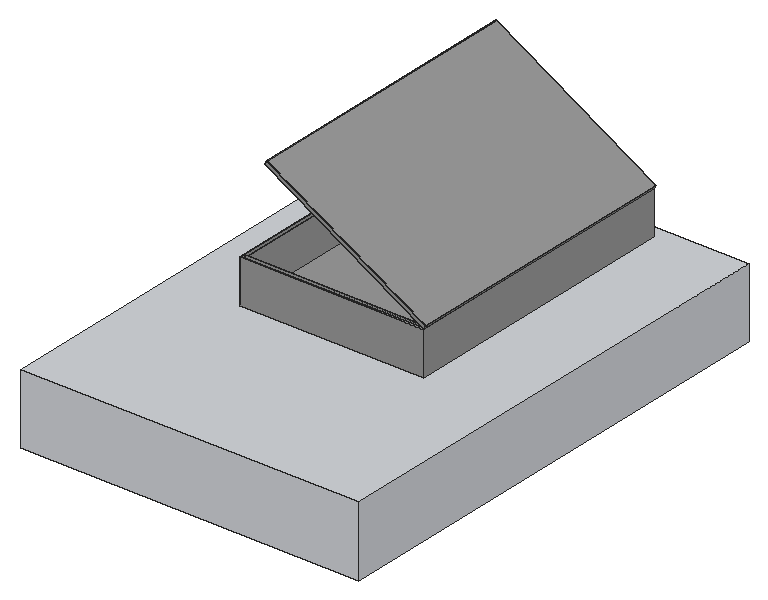
Revit family "Hager-Univers-IP44-D205-H1250-Cl.I-Encl-CH-it", category Equipement électrique, Revit 2020
Family settings
  Hôte = Face
  Configuration du panneau = Deux colonnes, circuits au sein
  Cote de connecteur circulaire = Utiliser le diamètre
  Type d'élément = Tableau de raccordement
  Couper avec des vides une fois chargée = Non
  Partagée = Non
  Point de calcul de pièce = Non
Parameters (values of type "A parete IP44 L800 A1250 P205  - FP83TN2")
  Width Control [instance] = if([EF000008 - Larghezza] > Min Width, [EF000008 - Larghezza], Min Width)  # 800 mm
  Commentaires du type = [HG000003 - Gamma]  # "Univers"
  Thickness Door [instance] = if([EF009171 - spessore materiale porta/coperchio] > 3 mm, 3 mm, [EF009171 - spessore materiale porta/coperchio])  # 1 mm
  Seal Frame Offset [instance] = 17 mm  # constant formula
  Plinth Visibility [instance] = [HG000027 - Altezza dello zoccolo] > 0 mm  # no
  Model = ""
  Min Width [instance] = 100 mm  # constant formula
  Min Height [instance] = 100 mm  # constant formula
  Min Depth [instance] = (2 * [EF009170 - spessore materiale scatola]) + 1 mm  # 3 mm
  Internal Frame Depth [instance] = (Door System Depth * 0.5)  # 9 mm
  Height Control [instance] = if([EF000040 - Altezza] > Min Height, [EF000040 - Altezza], Min Height)  # 1250 mm
  HG000027 - Altezza dello zoccolo = 0 mm
  HG000026 - A pavimento = no
  HG000024 - Altezza della sezione inferiore = 800 mm
  HG000023 - Custodia a doppia sezione = no
  HG000016 - Visibilità delle porte nella vista 3D [instance] = yes
  HG000015 - Visibilità attraverso la porta [instance] = no
  HG000014 - Porta destra [instance] = yes
  HG000013 - Porta sinistra [instance] = not([HG000014 - Porta destra])  # no
  HG000012 - Angolo di apertura della porta [instance] = 30.00°
  HG000010 - Porte asimmetriche = no
  HG000009 - Porta doppia a battente = no
  HG000006 - Ad incasso = no
  HG000004 - Codice produttore = "FP83TN2"
  HG000003 - Gamma = "Univers"
  HG000002 - Con porta = yes
  Frame Offset Bottom [instance] = 10 mm  # constant formula
  Frame Offset [instance] = 15 mm  # constant formula
  EF015940 - Coprire con rilascio di sovrapressione = no
  EF011959 - tipo di protezione (NEMA) = ""
  EF009554 - numero delle aperture per la piastra della flangia = 6
  Fabricant = "Hager"  # constant formula
  EF009212 - esecuzione coperchio = "EV000116 - chiuso"
  EF009171 - spessore materiale porta/coperchio = 1 mm
  EF009170 - spessore materiale scatola = 1 mm
  EF008873 - corrente nominale (In) = 250 A
  EF007800 - adatto per parafulmine = no
  EF006306 - con serratura = no
  EF006244 - coperchio/porta trasparente = no
  EF005474 - grado di protezione (IP) = "EV006418 - IP44"
  EF004464 - tipo di porta = "EV002646 - singolo"
  EF004427 - numero di moduli = 288
  EF004293 - resistenza agli urti = "EV006815 - IK09"
  EF003532 - adatto per uso esterno = no
  EF002950 - Numero moduli DIN = 36
  EF001613 - Integrità del circuito = "EV000494 - senza"
  EF001596 - Attacco Lampada = "EV000179 - acciaio"
  EF001131 - profondità interna = 130 mm
  EF001088 - possibilità di applicazione = yes
  EF000437 - numero di ingressi per conduttori = 6
  EF000339 - tipo di copertura = "EV001012 - coperchio"
  EF000266 - numero di file = 8
  EF000218 - profondità di incasso = 205 mm
  EF000118 - con piastra di montaggio = no
  EF000116 - numero RAL = "9010"
  EF000049 - profondità = 205 mm
  EF000040 - Altezza = 1250 mm
  EF000008 - Larghezza = 800 mm
  EF000007 - colore = "EV000202 - bianco"
  EF000003 - Tipo di montaggio = "EV000384 - A parete"
  Door System Leaf Tolerance [instance] = 1.5 mm  # constant formula
  Door System Depth [instance] = 18 mm  # constant formula
  Door Height [instance] = Height Control - [HG000027 - Altezza dello zoccolo]  # 1250 mm
  Depth Control [instance] = if([EF000049 - profondità] > Min Depth, [EF000049 - profondità], Min Depth)  # 205 mm
  Default Elevation = 0 mm
  Connector Offset [instance] = Height Control / 2  # 625 mm
  Bottom Top Plate Trim [instance] = 1.5 mm  # constant formula
  Plinth height Ctrl [instance] = if([HG000027 - Altezza dello zoccolo] > 0 mm, [HG000027 - Altezza dello zoccolo], 12 mm)  # 12 mm
Types (10, lengths in mm): name | Width Control | HG000010 - Porte asimmetriche | HG000009 - Porta doppia a battente | HG000004 - Codice produttore | EF009554 - numero delle aperture per la piastra della flangia | EF004464 - tipo di porta | EF004427 - numero di moduli | EF002950 - Numero moduli DIN | EF000437 - numero di ingressi per conduttori | EF000218 - profondità di incasso | EF000008 - Larghezza
  A parete IP44 L1050 A1250 P205  - FP84QT | 1050 | no | no | "FP84QT" | 8 | "EV003602 - doppio" | 384 | 48 | 8 | 0 | 1050
  A parete IP44 L1050 A1250 P205  - FP84TN2 | 1050 | no | yes | "FP84TN2" | 8 | "EV003602 - doppio" | 384 | 48 | 8 | 205 | 1050
  A parete IP44 L1300 A1250 P205  - FP85QT | 1300 | no | no | "FP85QT" | 10 | "EV003602 - doppio" | 480 | 60 | 10 | 0 | 1300
  A parete IP44 L1300 A1250 P205  - FP85TN2 | 1300 | yes | yes | "FP85TN2" | 10 | "EV003602 - doppio" | 480 | 60 | 10 | 205 | 1300
  A parete IP44 L300 A1250 P205  - FP81QT | 300 | no | no | "FP81QT" | 2 | "EV002646 - singolo" | 96 | 12 | 2 | 0 | 300
  A parete IP44 L300 A1250 P205  - FP81TN2 | 300 | no | no | "FP81TN2" | 2 | "EV002646 - singolo" | 96 | 12 | 2 | 205 | 300
  A parete IP44 L550 A1250 P205  - FP82QT | 550 | no | no | "FP82QT" | 4 | "EV002646 - singolo" | 192 | 24 | 4 | 0 | 550
  A parete IP44 L550 A1250 P205  - FP82TN2 | 550 | no | no | "FP82TN2" | 4 | "EV002646 - singolo" | 192 | 24 | 4 | 205 | 550
  A parete IP44 L800 A1250 P205  - FP83QT | 800 | no | no | "FP83QT" | 6 | "EV002646 - singolo" | 288 | 36 | 6 | 0 | 800
  A parete IP44 L800 A1250 P205  - FP83TN2 | 800 | no | no | "FP83TN2" | 6 | "EV002646 - singolo" | 288 | 36 | 6 | 205 | 800
Reference planes
  plane 1 "Center (Front/Back)": y = 0
  plane 2: z = 0
  plane 3 "Center (Left/Right)": x = 0
  plane 4: z = 205
  plane 5: y = 1
  plane 6: y = 625
  plane 7: y = 0
  plane 8: y = 1250
  plane 9: z = 0
  plane 10: x = -385
  plane 11: x = 385
  plane 12: x = 384
  plane 13: x = -384
  plane 14: y = 1249
  plane 15: x = -383
  plane 16: x = -400
  plane 17: x = 383
  plane 18: x = 400
  plane 19: x = 399
  plane 20: x = -399
  plane 21: y = 11
  plane 22: y = 1250
  plane 23: y = 1234
  plane 24: z = 187
  plane 25: z = 1
  plane 26: z = 186
  plane 27: z = 204
Forms (mm)
  Extrusion 1, solid
    sketch origin (0, 0, 0) x (1, 0, 0) y (0, 1, 0)
      loop
        line (-702.964, 1305) -> (-702.964, -811.445) -> (766.763, -811.445) -> (766.763, 1305) -> (-702.964, 1305)
    from 0 to -304.8
  Extrusion 2, solid, material "Hager_Steel_RAL7035_Light_Grey", visible <- "Plinth Visibility", detail levels medium+fine
    sketch origin (0, 0, 0) x (1, 0, 0) y (0, 1, 0)
      loop
        line (-400, 0) -> (400, 0) -> (400, 12) -> (-400, 12) -> (-400, 0)
    from 0 to 187
  Extrusion 3, solid, material "Hager_Steel_RAL7035_Light_Grey", detail levels medium+fine
    sketch origin (0, 0, 0) x (1, 0, 0) y (0, 1, 0)
      loop
        line (-400, 0) -> (400, 0) -> (400, 1250) -> (-400, 1250) -> (-400, 0)
    from 0 to 187
  Extrusion 4, void
    sketch origin (0, 0, 0) x (1, 0, 0) y (0, 1, 0)
      loop
        line (-399, 1) -> (399, 1) -> (399, 1249) -> (-399, 1249) -> (-399, 1)
    from 1 to 186
  Extrusion 5, void
    sketch origin (-381.607, -4572, 187) x (0, -1, 0) y (-1, 0, 0)
      loop
        line (-4583, 2.393) -> (-5806, 2.393) -> (-5806, -765.607) -> (-4583, -765.607) -> (-4583, 2.393)
    from 0 to 1 <- "EF009170 - spessore materiale scatola"
  Extrusion 6, solid, material "Hager_Steel_RAL7035_Light_Grey", detail levels fine
    sketch origin (0, 0, 187) x (1, 0, 0) y (0, 1, 0)
      loop
        line (-384, 1234) -> (-384, 11) -> (384, 11) -> (384, 1234) -> (-384, 1234)
      loop
        line (-385, 10) -> (385, 10) -> (385, 1235) -> (-385, 1235) -> (-385, 10)
    from 0 to 9 <- "Internal Frame Depth"
  Extrusion 7, solid, material "Hager_Steel_RAL7035_Light_Grey", detail levels coarse
    sketch origin (0, 0, 0) x (1, 0, 0) y (0, 1, 0)
      loop
        line (-400, 0) -> (400, 0) -> (400, 1250) -> (-400, 1250) -> (-400, 0)
    from 0 to 205
  Sweep 8, void
    path in 3D
      loop
        line (-400, 12, 0) -> (400, 12, 0) -> (400, 12, 187) -> (-400, 12, 187) -> (-400, 12, 0)
    profile origin (-400, 12, 93.5) x (-1, 0, 0) y (0, -1, 0)
      loop
        line (0, 0) -> (0, 1.5) -> (-1.5, 1.5)
        arc (-1.5, 1.5) -> (-1.061, 0.439) -> (0, 0) r 1.5
Cuts and joins
  Extrusion 4, Extrusion 5 cuts Extrusion 3
  Sweep 8 cuts Extrusion 2
Lines and regions (mm)
  Masking region 1
    outline origin (0, 0, 0) x (1, 0, 0) y (0, 0, 1)
      loop
        line (-400, 205) -> (-400, 0) -> (400, 0) -> (400, 205) -> (-400, 205)
  Masking region 2, detail levels medium+fine
    outline origin (0, 140, 0) x (0, 1, 0) y (0, 0, 1)
      loop
        line (-140, 0) -> (1110, 0) -> (1110, 187) -> (-140, 187) -> (-140, 0)
  Masking region 3, not visible, detail levels medium+fine
    outline origin (0, 297.922, 0) x (0, 1, 0) y (0, 0, 1)
      loop
        line (338.578, 0) -> (378.578, 0) -> (378.578, 194)
        arc (378.578, 194) -> (375.649, 201.071) -> (368.578, 204) r 10
        line (368.578, 204) -> (338.578, 204) -> (338.578, 0)
  Masking region 4, detail levels coarse
    outline origin (0, 0, 180) x (0, 1, 0) y (0, 0, 1)
      loop
        line (0, -180) -> (1250, -180) -> (1250, 25) -> (0, 25) -> (0, -180)
  Masking region 5, visible <- "Plinth Visibility", detail levels medium+fine
    outline origin (0, 52.24, 12.345) x (0, 0, -1) y (0, 1, 0)
      loop
        line (10.845, -40.24) -> (-173.155, -40.24)
        arc (-173.155, -40.24) -> (-173.594, -41.301) -> (-174.655, -41.74) r 1.5
        line (-174.655, -41.74) -> (-174.655, -52.24) -> (12.345, -52.24) -> (12.345, -41.74)
        arc (12.345, -41.74) -> (11.285, -41.301) -> (10.845, -40.24) r 1.5
  Masking region 6, detail levels medium+fine
    outline origin (-381.607, -4572, 187) x (-1, 0, 0) y (0, -1, 0)
      loop
        line (18.393, -5822) -> (18.393, -4572) -> (-781.607, -4572) -> (-781.607, -5822) -> (18.393, -5822)
  Masking region 7, visible <- "Plinth Visibility", detail levels medium+fine
    outline origin (-381.607, -4727, 187) x (-1, 0, 0) y (0, -1, 0)
      loop
        arc (16.893, -4739) -> (17.332, -4737.939) -> (18.393, -4737.5) r 1.5
        line (18.393, -4737.5) -> (18.393, -4727) -> (-781.607, -4727) -> (-781.607, -4737.5)
        arc (-781.607, -4737.5) -> (-780.546, -4737.939) -> (-780.107, -4739) r 1.5
        line (-780.107, -4739) -> (16.893, -4739)
  Masking region 8, detail levels coarse
    outline origin (-442.548, -4669.526, 187) x (-1, 0, 0) y (0, -1, 0)
      loop
        line (-42.548, -5919.526) -> (-42.548, -4669.526) -> (-842.548, -4669.526) -> (-842.548, -5919.526) -> (-42.548, -5919.526)
  sketch lines
    curve 1: line (-400, 12, 187) -> (-400, 12, 0)
    curve 2: line (400, 12, 187) -> (-400, 12, 187)
    curve 3: line (400, 12, 187) -> (400, 12, 0)
    curve 4: line (-400, 12, 0) -> (400, 12, 0)
Dimensions and locks
  "Depth Control": plane 4 to Extrusion 1
  "HG000027 - Altezza dello zoccolo": plane 1 "Center (Front/Back)" to plane 7
  "EF009170 - spessore materiale scatola": plane 5 to plane 7
  locked: connector elem to plane 3 "Center (Left/Right)"
  equal spacing: plane 8, plane 6, plane 7
  locked: connector elem to plane 6
  "EF009170 - spessore materiale scatola": plane 8 to plane 14
  "EF009170 - spessore materiale scatola": plane 10 to plane 13
  "EF009170 - spessore materiale scatola": plane 12 to plane 11
  "Frame Offset": plane 20 to plane 13
  "Frame Offset": plane 12 to plane 19
  "EF009170 - spessore materiale scatola": plane 16 to plane 20
  "EF009170 - spessore materiale scatola": plane 19 to plane 18
  "Seal Frame Offset": plane 16 to plane 15
  "Seal Frame Offset": plane 17 to plane 18
  "Frame Offset Bottom": plane 21 to plane 5
  "Frame Offset": plane 14 to plane 23
  equal spacing: plane 16, plane 3 "Center (Left/Right)", plane 18
  "Width Control": plane 16 to plane 18
  "EF009170 - spessore materiale scatola": plane 4 to plane 27
  "EF009170 - spessore materiale scatola": plane 24 to plane 26
  "EF009170 - spessore materiale scatola": plane 25 to level
  "Door System Depth": plane 4 to plane 24
  "Height Control": plane 1 "Center (Front/Back)" to Extrusion 7 sketch curve
  "Height Control": Masking region 4 sketch curve to plane 1 "Center (Front/Back)"
  "Height Control": plane 1 "Center (Front/Back)" to plane 22
  "Bottom Top Plate Trim": profile plane to Sweep 8 sketch curve
  "Bottom Top Plate Trim": Sweep 8 sketch curve to profile plane
  "Plinth height Ctrl": plane 1 "Center (Front/Back)" to Extrusion 2 sketch curve
  "Plinth height Ctrl": Masking region 5 sketch curve to plane 1 "Center (Front/Back)"
  "Plinth height Ctrl": plane 1 "Center (Front/Back)" to Masking region 7 sketch curve
  "Thickness Door": Extrusion 6 sketch curve to Extrusion 6 sketch curve  (x3)
  "Thickness Door": cut or joined group of Extrusion 3, Extrusion 4, Extrusion 5 to Extrusion 6 sketch curve
  radius of Masking region 3 sketch curve = 10 mm
  "Bottom Top Plate Trim": radius of Masking region 5 sketch curve  (x2)
  "Bottom Top Plate Trim": radius of Sweep 8 sketch curve
  "Bottom Top Plate Trim": radius of Masking region 7 sketch curve  (x2)
  aligned and locked: plane 2 to Extrusion 1
  aligned and locked: level to Extrusion 1
  aligned and locked: level to Masking region 1 sketch curve
  aligned and locked: Masking region 1 sketch curve to plane 18
  aligned and locked: Masking region 1 sketch curve to plane 16
  aligned and locked: plane 7 to Masking region 2 sketch curve
  aligned and locked: level to Masking region 3 sketch curve
  aligned and locked: Masking region 3 sketch curve to plane 27
  aligned and locked: level to Masking region 2 sketch curve
  aligned and locked: plane 1 "Center (Front/Back)" to Extrusion 2 sketch curve
  aligned and locked: Extrusion 3 sketch curve to plane 7
  aligned and locked: plane 16 to Extrusion 3 sketch curve
  aligned and locked: plane 18 to Extrusion 3 sketch curve
  aligned and locked: plane 20 to Extrusion 4 sketch curve
  aligned and locked: plane 19 to Extrusion 4 sketch curve
  aligned and locked: Extrusion 4 sketch curve to plane 5
  aligned and locked: Extrusion 4 to plane 25
  aligned and locked: plane 26 to Extrusion 4
  aligned and locked: plane 24 to Extrusion 3
  aligned and locked: Extrusion 5 sketch curve to plane 21
  aligned and locked: Extrusion 5 sketch curve to plane 13
  aligned and locked: Extrusion 5 sketch curve to plane 12
  aligned and locked: plane 18 to Extrusion 7 sketch curve
  aligned and locked: plane 1 "Center (Front/Back)" to Extrusion 7 sketch curve
  aligned and locked: plane 16 to Extrusion 7 sketch curve
  aligned and locked: plane 4 to Extrusion 7
  aligned and locked: Extrusion 7 to level
  aligned and locked: level to Masking region 4 sketch curve
  aligned and locked: Masking region 4 sketch curve to plane 1 "Center (Front/Back)"
  aligned and locked: Masking region 4 sketch curve to plane 4
  aligned and locked: nested 1 to level
  aligned and locked: nested 1 to plane 16
  aligned and locked: plane 8 to Extrusion 3 sketch curve
  aligned and locked: plane 23 to Extrusion 5 sketch curve
  aligned and locked: plane 14 to Extrusion 4 sketch curve
  aligned and locked: Masking region 2 sketch curve to plane 8
  aligned and locked: level to Masking region 5 sketch curve
  aligned and locked: plane 16 to Extrusion 2 sketch curve
  aligned and locked: plane 18 to Extrusion 2 sketch curve
  aligned and locked: Masking region 5 sketch curve to plane 24
  aligned and locked: Masking region 2 sketch curve to plane 24
  aligned and locked: plane 24 to Extrusion 2
  aligned and locked: profile plane to Sweep 8 sketch curve  (x2)
  aligned and locked: Masking region 6 sketch curve to plane 18
  aligned and locked: Masking region 6 sketch curve to plane 22
  aligned and locked: Masking region 6 sketch curve to plane 16
  aligned and locked: plane 8 to plane 22
  aligned and locked: Masking region 6 sketch curve to plane 7
  aligned and locked: Masking region 7 sketch curve to plane 16
  aligned and locked: Masking region 7 sketch curve to plane 1 "Center (Front/Back)"
  aligned and locked: Masking region 7 sketch curve to plane 18
  aligned and locked: Masking region 8 sketch curve to plane 1 "Center (Front/Back)"
  aligned and locked: Masking region 8 sketch curve to plane 18
  aligned and locked: Masking region 8 sketch curve to plane 22
  aligned and locked: Masking region 8 sketch curve to plane 16
  aligned and locked: nested 2 to plane 7
  aligned and locked: plane 3 "Center (Left/Right)" to nested 2
  aligned and locked: nested 2 to plane 24
  aligned and locked: Extrusion 6 sketch curve to cut or joined group of Extrusion 3, Extrusion 4, Extrusion 5  (x4)
Automatic sketch dimensions
  Extrusion 1 sketch curve to Extrusion 1 sketch curve = 1469.727 mm
  Extrusion 1 sketch curve to Extrusion 1 sketch curve = 2116.445 mm
  Masking region 1 sketch curve to plane 4 = 0 mm
  plane 6 to Masking region 3 sketch curve = 11.5 mm
  Masking region 3 sketch curve to Masking region 3 sketch curve = 30 mm
  Masking region 5 sketch curve to plane 1 "Center (Front/Back)" = 0 mm
Nested families
  nested 1: "Hager_Enclosure_Symbol" at (-400, 0, 0) x (1, 0, 0) z (0, -1, 0), Height <- "Depth Control", Width <- "Width Control", type "Hager_Enclosure_Symbol"
    with Width_Ctrl 800 mm, Width 800 mm, Height_Ctrl 205 mm, Height 205 mm, A_Width_Int 13.453 mm, A_Width 161.438 mm, A_Height_Ctrl 179.375 mm, A_Height 179.375 mm
  nested 2: "EC000058_Univers_Door" at (0, 0, 187) x (1, 0, 0) z (0, 1, 0), Leaf_Tolerance <- "Door System Leaf Tolerance", Angle <- "HG000012 - Angolo di apertura della porta", Door_Depth <- "Door System Depth", Door_Left <- "HG000013 - Porta sinistra", Transparent <- "EF006244 - coperchio/porta trasparente", Assymetrical <- "HG000010 - Porte asimmetriche", Width <- "Width Control", Clearance <- "HG000015 - Visibilità attraverso la porta", Double <- "HG000009 - Porta doppia a battente", 3d_Door <- "HG000016 - Visibilità delle porte nella vista 3D", Lock_Visibility <- "EF006306 - con serratura", Width_Ctrl <- "Width Control", Door_Right <- "HG000014 - Porta destra", Door <- "HG000002 - Con porta", Height <- "Door Height", Thickness <- "Thickness Door", type "EC000058_Univers_Door", detail levels medium+fine
    with min_wh 3 mm, Width_Ctrl 800 mm, Width 800 mm, Transparent no, Thickness 1 mm, Seal_Material Hager_Rubber, Lock_Visibility no, Lock_Material Hager_Plastic_RAL9005_Jet_Black, Leaf_Width 800 mm, Leaf_Tolerance_External_Sides 0 mm, Leaf_Tolerance 1.5 mm, Leaf_Offset 0 mm, Leaf_Height 1247 mm, Leaf_2_Width 800 mm, Leaf_2_Offset 400 mm, Leaf_1_Width 800 mm, Leaf_1_Offset 400 mm, Height_Ctrl 1250 mm, Height 1250 mm, Glass_Material Hager_Glass, Double_Clearance_Ctrl no, Double no, Door_Right_Ctrl yes, Door_Right yes, Door_Material Hager_Steel_RAL7035_Light_Grey, Door_Left_Ctrl no, Door_Left no, Door_Depth 18 mm, Door yes, Clearance_Material Hager_Clearance, Clearance_Depth 800 mm, Clearance_Ctrl no, Clearance no, Assymetrical no, Angle 30.00°, 3d_Door yes
Connectors
  electrical at (0, 625, 0)
    settings: on plane 9, index 1, voltage 0 V, apparent load 0 VA, apparent load phase1 0 VA, apparent load phase2 0 VA, apparent load phase3 0 VA, power factor 1, load classification "Other", number of poles 1, system type 30, power factor state 1, is connector primary yes, connector utility no, sub classification motor no, connector description ""
Definition of nested family "EC000058_Univers_Door"
  Parameters (values of type "EC000058_Univers_Door")
    min_wh [instance] = (2 * Thickness) + 1 mm  # 11 mm
    Width_Ctrl [instance] = 400 mm
    Width [instance] = 500 mm
    Transparent [instance] = yes
    Thickness [instance] = 5 mm
    Seal_Material [instance] = none
    Lock_Visibility [instance] = yes
    Lock_Material [instance] = none
    Leaf_Width [instance] = if((Width_Ctrl - 2 * Leaf_Tolerance_External_Sides) > 0 mm, (Width_Ctrl - 2 * Leaf_Tolerance_External_Sides), min_wh)  # 400 mm
    Leaf_Tolerance_External_Sides [instance] = 0 mm  # constant formula
    Leaf_Tolerance [instance] = 1.5 mm
    Leaf_Offset [instance] = 0 mm  # constant formula
    Leaf_Height [instance] = if((Height_Ctrl - 2 * Leaf_Tolerance) > 0 mm, (Height_Ctrl - 2 * Leaf_Tolerance), min_wh)  # 497 mm
    Leaf_2_Width [instance] = if(and(and(Double, Assymetrical), Door_Left), (Leaf_Width / 3) - (Leaf_Tolerance / 2), if(and(and(Double, Assymetrical), Door_Right), (Leaf_Width / 3) * 2 - (Leaf_Tolerance / 2), if(and(Double, not(Assymetrical)), (Leaf_Width / 2) - Leaf_Tolerance, Leaf_Width)))  # 400 mm
    Leaf_2_Offset [instance] = if(and(Double, Assymetrical), Leaf_2_Width / 2, if(and(Double, not(Assymetrical)), Leaf_Width / 4, Leaf_Width / 2))  # 200 mm
    Leaf_1_Width [instance] = if(and(and(Double, Assymetrical), Door_Right), (Leaf_Width / 3) - (Leaf_Tolerance / 2), if(and(and(Double, Assymetrical), Door_Left), (Width / 3) * 2 - (Leaf_Tolerance / 2), if(and(Double, not(Assymetrical)), (Leaf_Width / 2) - Leaf_Tolerance, Leaf_Width)))  # 400 mm
    Leaf_1_Offset [instance] = if(and(Double, Assymetrical), Leaf_1_Width / 2, if(and(Double, not(Assymetrical)), Leaf_Width / 4, Leaf_Width / 2))  # 200 mm
    Height_Ctrl [instance] = if(Height > min_wh, Height, min_wh)  # 500 mm
    Height [instance] = 500 mm
    Glass_Material [instance] = none
    Double_Clearance_Ctrl [instance] = and(Double, Clearance)  # no
    Double [instance] = no
    Door_Right_Ctrl [instance] = and(or(Door_Right, Double), Door)  # yes
    Door_Right [instance] = yes
    Door_Material [instance] = none
    Door_Left_Ctrl [instance] = and(or(Door_Left, Double), Door)  # no
    Door_Left [instance] = no
    Door_Depth [instance] = 30 mm
    Door [instance] = yes
    Default Elevation = 1219.2 mm
    Clearance_Material [instance] = none
    Clearance_Depth [instance] = if(Leaf_1_Width > Leaf_2_Width, Leaf_1_Width, Leaf_2_Width)  # 400 mm
    Clearance_Ctrl [instance] = and(not(Double), Clearance)  # yes
    Clearance [instance] = yes
    Assymetrical [instance] = yes
    Angle [instance] = 30.00°
    3d_Door [instance] = yes
  Reference planes
    plane 1 "Center (Front/Back)": y = 0
    plane 2 "Bottom": z = 0
    plane 3 "Center (Left/Right)": x = 0
    plane 4: z = 500
    plane 5: x = -200
    plane 6: x = 200
    plane 7: z = 500
    plane 8: x = -200
    plane 9: z = 0
    plane 10: x = 200
    plane 11: y = 0
    plane 12: z = 1.5
    plane 13: x = -600
    plane 14: y = -400
    plane 15: x = 600
    plane 16: x = 0
    plane 17: x = 0
    plane 18: x = -200
    plane 19: x = 200
    plane 20: z = 498.5
  Forms (mm)
    Extrusion 1, solid, material <- "Clearance_Material", visible <- "Double_Clearance_Ctrl"
      sketch origin (1200, 0, 0) x (1, 0, 0) y (0, 0, -1)
        loop
          line (-1800, -498.5) -> (-600, -498.5) -> (-600, 0) -> (-1800, 0) -> (-1800, -498.5)
      from 0 to -400
  Dimensions and locks
    equal spacing: plane 5, plane 3 "Center (Left/Right)", plane 6
    "Width_Ctrl": plane 5 to plane 6
    "Leaf_Offset": plane 5 to plane 8
    "Leaf_Offset": plane 6 to plane 10
    "Leaf_Offset": plane 9 to level
    "Leaf_Offset": plane 4 to plane 7
    "Height_Ctrl": plane 4 to level
    "Leaf_Tolerance": plane 12 to plane 9
    locked: plane 11 to plane 1 "Center (Front/Back)"
    "Leaf_1_Offset": plane 18 to plane 16
    "Leaf_2_Offset": plane 17 to plane 19
    "Leaf_1_Width": plane 13 to plane 8
    "Leaf_2_Width": plane 10 to plane 15
    "Clearance_Depth": plane 14 to plane 1 "Center (Front/Back)"
    "Leaf_Tolerance_External_Sides": plane 8 to plane 18
    "Leaf_Tolerance_External_Sides": plane 19 to plane 10
    "Leaf_Tolerance": plane 7 to plane 20
    aligned and locked: level to plane 2 "Bottom"
    aligned and locked: nested 1 to plane 16
    aligned and locked: nested 2 to plane 17
    aligned and locked: Extrusion 1 to plane 13
    aligned and locked: plane 15 to Extrusion 1
    aligned and locked: Extrusion 1 to plane 14
    aligned and locked: plane 12 to nested 1
    aligned and locked: nested 2 to plane 12
    aligned and locked: Extrusion 1 to plane 11
    aligned and locked: plane 20 to Extrusion 1
    aligned and locked: nested 2 to plane 11
    aligned and locked: nested 1 to plane 11
  Automatic sketch dimensions
    Extrusion 1 sketch curve to level = 0 mm
    plane 5 to Extrusion 1 sketch curve = 400 mm
    plane 6 to Extrusion 1 sketch curve = 400 mm
    Extrusion 1 sketch curve to plane 4 = 1.5 mm
  Nested families
    nested 1: "EC000058_Univers_Door_Leaf" at (0, 0, 1.5), Width <- "Leaf_1_Width", visible <- "Door_Left_Ctrl", Leaf_Height <- "Leaf_Height", Angle <- "Angle", 3d_Door <- "3d_Door", Transparent <- "Transparent", Clearance Material <- "Clearance_Material", Clearance <- "Clearance_Ctrl", Door_Material <- "Door_Material", Glass_Material <- "Glass_Material", Door_Depth <- "Door_Depth", Lock_Material <- "Lock_Material", Seal_Material <- "Seal_Material", Lock_Visibility <- "Lock_Visibility", Thickness <- "Thickness", type "EC000058_Univers_Door_Leaf"
      with Width 400 mm, Transparent_Glass_Offset 30 mm, Transparent_Ctrl yes, Transparent yes, Thickness 5 mm, Standard no, Seal_Material none, Seal_D2 8 mm, Seal_D1 1 mm, Offset_Internal_Frame 10 mm, Lock_Width 20 mm, Lock_Visibility_3d yes, Lock_Visibility yes, Lock_Thickness_3 3 mm, Lock_Thickness_2 1 mm, Lock_Thickness_1 3 mm, Lock_Radius_Offset_2 16 mm, Lock_Radius_Offset_1 15 mm, Lock_Radius_2 5 mm, Lock_Radius 6 mm, Lock_Offset 5 mm, Lock_Material none, Lock_Height 80 mm, Lock_Cover_Top_Offset_2d 17 mm, Lock_Cover_Height -65 mm, Leaf_Height 497 mm, Internal_Seal_Thickness 8 mm, Internal_Seal_Depth_2 4.5 mm, Internal_Frame_Depth 25 mm, Glass_Thickness -1 mm, Glass_Offset -2 mm, Glass_Material none, Door_Material none, Door_Depth 30 mm, Clearance Material none, Clearance yes, Angle_Ctrl 30.00°, Angle 30.00°, 3d_Door yes
    nested 2: "EC000058_Univers_Door_Leaf" at (0, 0, 1.5) x (-1, 0, 0) z (0, 0, 1), Width <- "Leaf_2_Width", visible <- "Door_Right_Ctrl", Leaf_Height <- "Leaf_Height", Angle <- "Angle", 3d_Door <- "3d_Door", Transparent <- "Transparent", Clearance Material <- "Clearance_Material", Clearance <- "Clearance_Ctrl", Door_Material <- "Door_Material", Glass_Material <- "Glass_Material", Door_Depth <- "Door_Depth", Lock_Material <- "Lock_Material", Seal_Material <- "Seal_Material", Lock_Visibility <- "Lock_Visibility", Thickness <- "Thickness", type "EC000058_Univers_Door_Leaf"
      with Width 400 mm, Transparent_Glass_Offset 30 mm, Transparent_Ctrl yes, Transparent yes, Thickness 5 mm, Standard no, Seal_Material none, Seal_D2 8 mm, Seal_D1 1 mm, Offset_Internal_Frame 10 mm, Lock_Width 20 mm, Lock_Visibility_3d yes, Lock_Visibility yes, Lock_Thickness_3 3 mm, Lock_Thickness_2 1 mm, Lock_Thickness_1 3 mm, Lock_Radius_Offset_2 16 mm, Lock_Radius_Offset_1 15 mm, Lock_Radius_2 5 mm, Lock_Radius 6 mm, Lock_Offset 5 mm, Lock_Material none, Lock_Height 80 mm, Lock_Cover_Top_Offset_2d 17 mm, Lock_Cover_Height -65 mm, Leaf_Height 497 mm, Internal_Seal_Thickness 8 mm, Internal_Seal_Depth_2 4.5 mm, Internal_Frame_Depth 25 mm, Glass_Thickness -1 mm, Glass_Offset -2 mm, Glass_Material none, Door_Material none, Door_Depth 30 mm, Clearance Material none, Clearance yes, Angle_Ctrl 30.00°, Angle 30.00°, 3d_Door yes
  Definition of nested family "EC000058_Univers_Door_Leaf"
    Parameters (values of type "EC000058_Univers_Door_Leaf")
      Width [instance] = 2000 mm
      Transparent_Glass_Offset [instance] = 30 mm
      Transparent_Ctrl [instance] = and(Transparent, [3d_Door])  # yes
      Transparent [instance] = yes
      Thickness [instance] = 5 mm
      Standard [instance] = and(not(Transparent), [3d_Door])  # no
      Seal_Material [instance] = none
      Seal_D2 [instance] = 8 mm  # constant formula
      Seal_D1 [instance] = 1 mm  # constant formula
      Offset_Internal_Frame [instance] = 10 mm  # constant formula
      Lock_Width [instance] = 20 mm  # constant formula
      Lock_Visibility_3d [instance] = and(Lock_Visibility, [3d_Door])  # yes
      Lock_Visibility [instance] = yes
      Lock_Thickness_3 [instance] = 3 mm  # constant formula
      Lock_Thickness_2 [instance] = 1 mm  # constant formula
      Lock_Thickness_1 [instance] = 3 mm  # constant formula
      Lock_Radius_Offset_2 [instance] = Lock_Radius_Offset_1 + 1 mm  # 16 mm
      Lock_Radius_Offset_1 [instance] = 15 mm  # constant formula
      Lock_Radius_2 [instance] = Lock_Radius - 1 mm  # 5 mm
      Lock_Radius [instance] = 6 mm  # constant formula
      Lock_Offset [instance] = 5 mm  # constant formula
      Lock_Material [instance] = none
      Lock_Height [instance] = 80 mm  # constant formula
      Lock_Cover_Top_Offset_2d [instance] = Lock_Radius_Offset_2 + 1 mm  # 17 mm
      Lock_Cover_Height [instance] = -(Lock_Height - Lock_Radius_Offset_1)  # -65 mm
      Leaf_Height [instance] = 2720.336 mm
      Internal_Seal_Thickness [instance] = 8 mm  # constant formula
      Internal_Seal_Depth_2 [instance] = 4.5 mm  # constant formula
      Internal_Frame_Depth [instance] = if(Door_Depth - Thickness > 5 mm, Door_Depth - Thickness, 5 mm)  # 25 mm
      Glass_Thickness [instance] = if(Thickness > 15 mm, Glass_Offset + 10 mm, -1 mm)  # -1 mm
      Glass_Offset [instance] = if(Thickness > 15 mm, -(Thickness + 10 mm) / 2, -2 mm)  # -2 mm
      Glass_Material [instance] = none
      Door_Material [instance] = none
      Door_Depth [instance] = 30 mm
      Default Elevation = 0 mm
      Clearance Material [instance] = none
      Clearance [instance] = yes
      Angle_Ctrl [instance] = if(Angle > 180.00°, 180.00°, Angle)  # 90.00°
      Angle [instance] = 90.00°
      3d_Door [instance] = yes
    Reference planes
      plane 1 "Center (Front/Back)": y = 0
      plane 2: z = 0
      plane 3 "Center (Left/Right)": x = 0
      plane 4: y = 2000
      plane 5: x = -1000
      plane 6: x = 1000
      plane 7: x = -3000
      plane 8: z = 2720.336
      plane 9: z = 30
      plane 10: z = 2690.336
      plane 11: x = 970
      plane 12: x = -970
      plane 13: y = -3
      plane 14: z = 107.833
      plane 15: y = -5
      plane 16: y = -223.314
      plane 17: x = -1000
      plane 18: z = 1360.168
      plane 19: y = 30
    Forms (mm)
      Extrusion 1, solid, material <- "Clearance Material", visible <- "Clearance"
        sketch origin (0, 0, 0) x (1, 0, 0) y (0, 0, 1)
          loop
            line (-3000, 2720.336) -> (-3000, 0) -> (1000, 0) -> (1000, 2720.336) -> (-3000, 2720.336)
        from 0 to -2000
      Extrusion 2, solid, material <- "Door_Material", visible <- "Standard", detail levels medium+fine
        sketch origin (-1000, 0, 0) x (0, 1, 0) y (-1, 0, 0)
          loop
            line (0, 30) -> (0, 25) -> (2000, 25) -> (2000, 30) -> (0, 30)
        from 0 to 2720.336 <- "Leaf_Height"
      Extrusion 3, solid, material <- "Door_Material", visible <- "Transparent_Ctrl", detail levels medium+fine
        sketch origin (-1000, 0, 0) x (0, 1, 0) y (-1, 0, 0)
          loop
            line (0, 25) -> (2000, 25) -> (2000, 30) -> (0, 30) -> (0, 25)
        from 0 to 2720.336 <- "Leaf_Height"
      Extrusion 4, void
        sketch origin (-1025, 2000, 0) x (0, 1, 0) y (0, 0, -1)
          loop
            line (-30, -2690.336) -> (-30, -30) -> (-1970, -30) -> (-1970, -2690.336) -> (-30, -2690.336)
        from 0 to 5 <- "Thickness"
      Sweep 5, solid, material <- "Seal_Material", visible <- "Transparent_Ctrl", detail levels fine
        path in 3D
          loop
            line (-1025, 30, 30) -> (-1025, 30, 2690.336) -> (-1025, 1970, 2690.336) -> (-1025, 1970, 30) -> (-1025, 30, 30)
        profile origin (-1025, 1000, 30) x (1, 0, 0) y (0, 0, 1)
          loop
            line (0, 0) -> (0, -8) -> (1, -8) -> (1, 0) -> (0, 0)
      Extrusion 6, solid, material <- "Glass_Material", visible <- "Transparent_Ctrl", detail levels medium+fine
        sketch origin (-1030, 0, 0) x (0, 1, 0) y (0, 0, -1)
          loop
            line (1970, -2690.336) -> (1970, -30) -> (30, -30) -> (30, -2690.336) -> (1970, -2690.336)
        from -2 <- "Glass_Offset" to -1 <- "Glass_Thickness"
      Extrusion 7, solid, material <- "Door_Material", visible <- "3d_Door", detail levels medium+fine
        sketch origin (-1025, 2000, 0) x (0, -1, 0) y (0, 0, -1)
          loop
            line (0, -2720.336) -> (2000, -2720.336) -> (2000, 0) -> (0, 0) -> (0, -2720.336)
          loop
            line (1995, -5) -> (5, -5) -> (5, -2715.336) -> (1995, -2715.336) -> (1995, -5)
        from 0 to 25 <- "Internal_Frame_Depth"
      Sweep 8, solid, material <- "Seal_Material", visible <- "Transparent_Ctrl", detail levels fine
        path in 3D
          loop
            line (-1025, 0, 0) -> (-1025, 2000, 0) -> (-1025, 2000, 2720.336) -> (-1025, 0, 2720.336) -> (-1025, 0, 0)
        profile origin (-1025, 0, 1360.168) x (1, 0, 0) y (0, 1, 0)
          loop
            line (0, 10) -> (2.975, 10)
            arc (2.975, 10) -> (4.053, 10.447) -> (4.5, 11.525) r 1.525
            line (4.5, 11.525) -> (4.5, 16.527)
            arc (4.5, 16.527) -> (4.069, 17.569) -> (3.027, 18) r 1.473
            line (3.027, 18) -> (0, 18) -> (0, 10)
      Extrusion 9, solid, material <- "Lock_Material", visible <- "Lock_Visibility_3d", detail levels fine
        sketch origin (-1030, 0, 0) x (0, 1, 0) y (0, 0, -1)
          loop
            arc (1993.5, -1400.168) -> (1994.561, -1399.729) -> (1995, -1398.668) r 1.5
            line (1995, -1398.668) -> (1995, -1320.168) -> (1975, -1320.168) -> (1975, -1398.668)
            arc (1975, -1398.668) -> (1975.439, -1399.729) -> (1976.5, -1400.168) r 1.5
            line (1976.5, -1400.168) -> (1993.5, -1400.168)
        from 3 <- "Lock_Thickness_1" to 0
      Blend 10, solid, material <- "Lock_Material", visible <- "Lock_Visibility_3d", detail levels fine
        base sketch origin (-1033, 0, 0) x (0, 1, 0) y (0, 0, -1)
          loop
            line (1975, -1320.168) -> (1975, -1398.668)
            arc (1975, -1398.668) -> (1975.439, -1399.729) -> (1976.5, -1400.168) r 1.5
            line (1976.5, -1400.168) -> (1993.5, -1400.168)
            arc (1993.5, -1400.168) -> (1994.561, -1399.729) -> (1995, -1398.668) r 1.5
            line (1995, -1398.668) -> (1995, -1320.168) -> (1975, -1320.168)
        top sketch origin (-1033, 0, 0) x (0, 1, 0) y (0, 0, -1)
          loop
            line (1976, -1320.168) -> (1976, -1398.668)
            arc (1976, -1398.668) -> (1976.146, -1399.022) -> (1976.5, -1399.168) r 0.5
            line (1976.5, -1399.168) -> (1993.5, -1399.168)
            arc (1993.5, -1399.168) -> (1993.854, -1399.022) -> (1994, -1398.668) r 0.5
            line (1994, -1398.668) -> (1994, -1320.168) -> (1976, -1320.168)
        from 0 to 1 <- "Lock_Thickness_2"
      Blend 11, solid, material <- "Lock_Material", visible <- "Lock_Visibility_3d", detail levels fine
        base sketch origin (-1034, 0, 0) x (0, 1, 0) y (0, 0, -1)
          loop
            line (1978, -1320.168) -> (1978, -1384.168)
            arc (1978, -1384.168) -> (1985, -1391.168) -> (1992, -1384.168) r 7
            line (1992, -1384.168) -> (1992, -1320.168) -> (1978, -1320.168)
        top sketch origin (-1034, 0, 0) x (0, 1, 0) y (0, 0, -1)
          loop
            line (1991, -1320.168) -> (1979, -1320.168) -> (1979, -1383.168)
            arc (1979, -1383.168) -> (1985, -1389.168) -> (1991, -1383.168) r 6
            line (1991, -1383.168) -> (1991, -1320.168)
        from 0 to 3 <- "Lock_Thickness_3"
      Extrusion 12, solid, material <- "Lock_Material", visible <- "Lock_Visibility_3d", detail levels fine
        sketch origin (-1030, 1975, 1320.168) x (1, 0, 0) y (0, -1, 0)
          loop
            line (-7, -19) -> (-7, -1) -> (0, -1) -> (0, 0) -> (-8, 0) -> (-8, -20) -> (0, -20) -> (0, -19) -> (-7, -19)
        from 0 to -65 <- "Lock_Cover_Height"
      Extrusion 13, void
        sketch origin (-1038, 1995, 1320.168) x (-1, 0, 0) y (0, 0, -1)
          loop
            line (-5, -65) -> (0, -65) -> (-5, -60) -> (-5, -65)
        from 0 to 20 <- "Lock_Width"
      Extrusion 14, void
        sketch origin (-1038, 1975, 1320.168) x (0, -1, 0) y (0, 0, -1)
          loop
            circle (-10, -15.995) r 6
          loop
            circle (-10, -15.995) r 5
        from 0 to 2
      Extrusion 15, solid, material <- "Lock_Material", visible <- "Lock_Visibility_3d", detail levels medium
        sketch origin (-1030, 0, 0) x (0, 1, 0) y (0, 0, -1)
          loop
            arc (1993.5, -1400.168) -> (1994.561, -1399.729) -> (1995, -1398.668) r 1.5
            line (1995, -1398.668) -> (1995, -1320.168) -> (1975, -1320.168) -> (1975, -1398.668)
            arc (1975, -1398.668) -> (1975.439, -1399.729) -> (1976.5, -1400.168) r 1.5
            line (1976.5, -1400.168) -> (1993.5, -1400.168)
        from 8 to 0
    Cuts and joins
      Extrusion 4 cuts Extrusion 3
      Extrusion 13, Extrusion 14 cuts Extrusion 9
      Extrusion 14 cuts Blend 11
      Extrusion 13, Extrusion 14 cuts Extrusion 12
      joined: Extrusion 9, Blend 10, Blend 11, Extrusion 12
      Extrusion 14 cuts Extrusion 15
    Lines and regions (mm)
      Masking region 1, visible <- "Lock_Visibility", detail levels fine
        outline origin (0, 0, 0) x (0, 1, 0) y (0, 0, 1)
          loop
            line (30, 1320.168) -> (33, 1320.168) -> (33, 1400.168) -> (30, 1400.168) -> (30, 1320.168)
      Masking region 2, visible <- "Lock_Visibility", detail levels fine
        outline origin (0, 3.143, 0) x (0, 1, 0) y (0, 0, 1)
          loop
            line (29.857, 1354.168) -> (30.857, 1354.168) -> (30.857, 1366.168) -> (29.857, 1366.168) -> (29.857, 1354.168)
      Masking region 3, detail levels medium+fine
        outline origin (0, 0, 0) x (0, 1, 0) y (0, 0, 1)
          loop
            line (0, 0) -> (30, 0) -> (30, 2720.336) -> (0, 2720.336) -> (0, 0)
      Masking region 4, detail levels medium+fine
        outline origin (0, 0, 0) x (1, 0, 0) y (0, 0, 1)
          loop
            line (-1000, 2720.336) -> (-1000, 0) -> (1000, 0) -> (1000, 2720.336) -> (-1000, 2720.336)
      Masking region 5, visible <- "Lock_Visibility", detail levels fine
        outline origin (-47.116, 0, 0) x (1, 0, 0) y (0, 0, 1)
          loop
            arc (1024.616, 1399.168) -> (1023.556, 1398.729) -> (1023.116, 1397.668) r 1.5
            line (1023.116, 1397.668) -> (1023.116, 1320.168) -> (1041.116, 1320.168) -> (1041.116, 1397.668)
            arc (1041.116, 1397.668) -> (1040.677, 1398.729) -> (1039.616, 1399.168) r 1.5
            line (1039.616, 1399.168) -> (1024.616, 1399.168)
      Masking region 6, visible <- "Lock_Visibility", detail levels medium+fine
        outline origin (-25, 0, 0) x (1, 0, 0) y (0, 0, 1)
          loop
            arc (1001.5, 1400.168) -> (1000.439, 1399.729) -> (1000, 1398.668) r 1.5
            line (1000, 1398.668) -> (1000, 1320.168) -> (1020, 1320.168) -> (1020, 1398.668)
            arc (1020, 1398.668) -> (1019.561, 1399.729) -> (1018.5, 1400.168) r 1.5
            line (1018.5, 1400.168) -> (1001.5, 1400.168)
      Masking region 7, visible <- "Lock_Visibility", detail levels fine
        outline origin (-73.735, 0, 0) x (1, 0, 0) y (0, 0, 1)
          loop
            line (1051.735, 1382.168) -> (1065.735, 1382.168) -> (1065.735, 1384.168)
            arc (1065.735, 1384.168) -> (1058.735, 1391.168) -> (1051.735, 1384.168) r 7
            line (1051.735, 1384.168) -> (1051.735, 1382.168)
      Masking region 8, visible <- "Lock_Visibility", detail levels fine
        outline origin (-73.735, 0, 0) x (1, 0, 0) y (0, 0, 1)
          loop
            line (1052.735, 1382.168) -> (1064.735, 1382.168) -> (1064.735, 1383.168)
            arc (1064.735, 1383.168) -> (1058.735, 1389.168) -> (1052.735, 1383.168) r 6
            line (1052.735, 1383.168) -> (1052.735, 1382.168)
      Masking region 9, visible <- "Lock_Visibility", detail levels fine
        outline origin (-25, 0, 0) x (1, 0, 0) y (0, 0, 1)
          loop
            line (1020, 1320.168) -> (1020, 1382.168) -> (1000, 1382.168) -> (1000, 1320.168) -> (1020, 1320.168)
      Masking region 10, detail levels medium+fine
        outline origin (0, 0, 0) x (1, 0, 0) y (0, 0, 1)
          loop
            circle (985, 1335.144) r 6
      Masking region 11, detail levels fine
        outline origin (0, 0, 0) x (1, 0, 0) y (0, 0, 1)
          loop
            circle (985, 1335.144) r 5
      Masking region 12, visible <- "Lock_Visibility", detail levels fine
        outline origin (0, 12.767, 0) x (0, 1, 0) y (0, 0, 1)
          loop
            line (20.233, 1320.168) -> (21.233, 1320.168) -> (21.233, 1399.168) -> (20.233, 1400.168) -> (20.233, 1320.168)
      Masking region 13, visible <- "Lock_Visibility", detail levels fine
        outline origin (0, 13.767, -10) x (0, 1, 0) y (0, 0, 1)
          loop
            line (20.233, 1330.168) -> (23.233, 1330.168) -> (23.233, 1399.168) -> (20.233, 1402.168) -> (20.233, 1330.168)
      Masking region 14, visible <- "Lock_Visibility", detail levels fine
        outline origin (0, 12.767, -10) x (0, 1, 0) y (0, 0, 1)
          loop
            line (20.233, 1330.168) -> (25.233, 1330.168) -> (25.233, 1399.305) -> (20.233, 1394.305) -> (20.233, 1330.168)
      Masking region 15, visible <- "Lock_Visibility", detail levels medium
        outline origin (0, 0, 0) x (0, 1, 0) y (0, 0, 1)
          loop
            line (30, 1320.168) -> (38, 1320.168) -> (38, 1400.168) -> (30, 1400.168) -> (30, 1320.168)
      Masking region 16, visible <- "Lock_Visibility", detail levels fine
        outline origin (-1000, 0, 0) x (0, 1, 0) y (-1, 0, 0)
          loop
            line (1975, 30) -> (1995, 30) -> (1995, 38) -> (1975, 38) -> (1975, 30)
          loop
            line (1979, 37) -> (1976, 37) -> (1976, 34) -> (1978, 34) -> (1979, 37)
          loop
            line (1994, 37) -> (1991, 37) -> (1992, 34) -> (1994, 34) -> (1994, 37)
      Masking region 17, visible <- "Lock_Visibility", detail levels medium
        outline origin (-1000, 0, 0) x (0, 1, 0) y (-1, 0, 0)
          loop
            line (1975, 30) -> (1995, 30) -> (1995, 38) -> (1975, 38) -> (1975, 30)
      symbolic lines
        curve 1: line (1000, 0, 0) -> (-3000, 0, 0)
        curve 2: arc (1000, 0, 0) -> (-1000, 2000, 0) -> (-3000, 0, 0) r 2000
        curve 4: line (-1030, 0, 0) -> (-1030, 2000, 0)
      reference lines
        curve 3: line (-1000, 0, 0) -> (-1000, 2000, 0)
      symbolic lines, detail levels medium+fine
        curve 5: line (-1030, 2000, 0) -> (-1025, 2000, 0)
        curve 7: line (-1025, 0, 0) -> (-1030, 0, 0)
        curve 8: line (-1025, 0, 0) -> (-1000, 0, 0)
        curve 9: line (-1000, 0, 0) -> (-1000, 2000, 0)
        curve 10: line (-1000, 2000, 0) -> (-1025, 2000, 0)
      symbolic lines, detail levels fine
        curve 6: line (-1025, 2000, 0) -> (-1025, 0, 0)
      sketch lines
        curve 11: line (-1025, 0, 2720.336) -> (-1025, 0, 0)
        curve 12: line (-1025, 2000, 0) -> (-1025, 0, 0)
        curve 13: line (-1025, 2000, 2720.336) -> (-1025, 2000, 0)
        curve 14: line (-1025, 0, 2720.336) -> (-1025, 2000, 2720.336)
        curve 15: line (-1025, 1970, 30) -> (-1025, 30, 30)
        curve 16: line (-1025, 30, 30) -> (-1025, 30, 2690.336)
        curve 17: line (-1025, 1970, 2690.336) -> (-1025, 1970, 30)
        curve 18: line (-1025, 30, 2690.336) -> (-1025, 1970, 2690.336)
      symbolic lines, visible <- "Transparent", detail levels medium+fine
        curve 19: line (-970, 0, 2690.336) -> (970, 0, 2690.336)
        curve 20: line (-970, 0, 30) -> (-970, 0, 2690.336)
        curve 21: line (970, 0, 30) -> (-970, 0, 30)
        curve 22: line (970, 0, 2690.336) -> (970, 0, 30)
    Dimensions and locks
      "Width": plane 1 "Center (Front/Back)" to plane 4
      equal spacing: plane 5, plane 3 "Center (Left/Right)", plane 6
      "Width": plane 5 to plane 6
      "Width": plane 7 to plane 5
      "Leaf_Height": plane 8 to level
      "Width": curve 5 to curve 3
      "Width": curve 3 to curve 3
      plane 8 to plane 10 = 30 mm
      plane 9 to level = 30 mm
      plane 12 to plane 5 = 30 mm
      plane 6 to plane 11 = 30 mm
      Extrusion 1 to Extrusion 4 sketch curve = 30 mm
      "Transparent_Glass_Offset": curve 3 to Extrusion 4 sketch curve
      "Transparent_Glass_Offset": Extrusion 4 sketch curve to cut or joined group of Extrusion 3, Extrusion 4  (x2)
      cut or joined group of Extrusion 3, Extrusion 4 to Extrusion 6 sketch curve = 30 mm
      "Transparent_Glass_Offset": cut or joined group of Extrusion 3, Extrusion 4 to Extrusion 4 sketch curve
      "Thickness": curve 6 to curve 4
      "Thickness": Extrusion 7 sketch curve to Extrusion 7 sketch curve  (x4)
      "Door_Depth": curve 4 to curve 3
      "Offset_Internal_Frame": profile plane to Sweep 8 sketch curve
      "Internal_Seal_Thickness": Sweep 8 sketch curve to Sweep 8 sketch curve
      "Internal_Seal_Depth_2": profile plane to Sweep 8 sketch curve
      "Seal_D1": profile plane to Sweep 5 sketch curve
      "Seal_D2": profile plane to Sweep 5 sketch curve
      "Thickness": Extrusion 2 sketch curve to Extrusion 2 sketch curve
      equal spacing: Extrusion 9 sketch curve, plane 18, Extrusion 9 sketch curve  (x2)
      equal spacing: Masking region 1 sketch curve, plane 18, Masking region 1 sketch curve
      "Lock_Height": Masking region 1 sketch curve to Masking region 1 sketch curve
      "Lock_Radius": Masking region 2 sketch curve to plane 18 to Masking region 2 sketch curve
      Masking region 2 sketch curve to Masking region 1 = 1 mm
      "Door_Depth": plane 19 to plane 1 "Center (Front/Back)"
      "Lock_Thickness_1": Masking region 1 sketch curve to plane 19
      "Lock_Width": Extrusion 9 sketch curve to Extrusion 9 sketch curve
      "Lock_Height": Extrusion 9 sketch curve to Extrusion 9 sketch curve
      "Lock_Offset": cut or joined group of Extrusion 3, Extrusion 4 to Extrusion 9 sketch curve
      equal spacing: plane 8, plane 18, level
      "Lock_Radius_Offset_1": Blend 11 sketch curve to Blend 10
      locked: Blend 10 to Blend 11 sketch curve at 2  (x2)
      locked: var sketch to Blend 11 sketch curve at 1  (x2)
      "Lock_Radius_Offset_2": Blend 11 sketch curve to Blend 10
      locked: Extrusion 12 sketch curve to Extrusion 12 sketch curve at 1  (x3)
      Masking region 6 sketch curve to Masking region 6 sketch curve = 80 mm
      "Lock_Height": Masking region 6 sketch curve to Masking region 6 sketch curve
      "Lock_Width": Masking region 6 sketch curve to Masking region 6 sketch curve
      locked: Masking region 6 to Masking region 5 sketch curve at 1  (x3)
      locked: Masking region 5 to Masking region 7 sketch curve at 2  (x2)
      "Lock_Radius_Offset_1": Masking region 5 to Masking region 7 sketch curve
      "Lock_Radius_Offset_2": Masking region 5 to Masking region 8 sketch curve
      locked: Masking region 7 to Masking region 8 sketch curve at 1  (x2)
      "Lock_Cover_Top_Offset_2d": Masking region 5 to Masking region 9 sketch curve
      equal spacing: Masking region 9, Masking region 10 sketch curve, Masking region 9
      equal spacing: Masking region 9, Masking region 11 sketch curve, Masking region 9
      Extrusion 15 sketch curve to Extrusion 15 sketch curve = 80 mm
      "Lock_Width": Extrusion 15 sketch curve to Extrusion 15 sketch curve
      "Lock_Height": Extrusion 15 sketch curve to Extrusion 15 sketch curve
      equal spacing: Extrusion 15 sketch curve, plane 18, Extrusion 15 sketch curve
      "Lock_Thickness_3": Masking region 13 sketch curve to Masking region 13 sketch curve
      "Lock_Height": Masking region 12 sketch curve to Masking region 12 sketch curve
      locked: Masking region 13 sketch curve to Masking region 1 at 8
      locked: Masking region 14 sketch curve to Masking region 13 at 1
      locked: Masking region 14 sketch curve to Masking region 1 at 10.863
      "Lock_Height": Masking region 15 sketch curve to Masking region 15 sketch curve
      "Lock_Offset": Extrusion 15 sketch curve to cut or joined group of Extrusion 3, Extrusion 4
      "Lock_Offset": plane 6 to Masking region 6 sketch curve
      radius of Sweep 8 sketch curve = 1.525 mm
      radius of Sweep 8 sketch curve = 1.473 mm
      radius of Extrusion 9 sketch curve = 1.5 mm  (x2)
      "Lock_Radius": radius of Extrusion 14 sketch curve
      "Lock_Radius_2": radius of Extrusion 14 sketch curve
      "Lock_Radius": radius of Masking region 10 sketch curve
      "Lock_Radius_2": radius of Masking region 11 sketch curve
      radius of Extrusion 15 sketch curve = 1.5 mm  (x2)
      "Angle_Ctrl": angle plane 1 "Center (Front/Back)" to curve 3
      locked: Masking region 12 sketch curve to Masking region 12 sketch curve (angle 45.00°)
      locked: Masking region 13 sketch curve to Masking region 13 sketch curve (angle 45.00°)
      locked: Masking region 14 sketch curve to Masking region 14 sketch curve (angle 45.00°)
      aligned and locked: level to plane 2
      aligned and locked: Extrusion 1 to curve 1
      aligned and locked: plane 6 to Extrusion 1
      aligned and locked: Extrusion 1 to plane 1 "Center (Front/Back)"
      aligned and locked: plane 4 to Extrusion 1
      aligned and locked: plane 8 to Extrusion 1
      aligned and locked: curve 7 to Extrusion 2 sketch curve
      aligned and locked: curve 5 to Extrusion 2 sketch curve
      aligned and locked: curve 7 to Extrusion 3 sketch curve
      aligned and locked: Extrusion 3 sketch curve to curve 4
      aligned and locked: Extrusion 3 sketch curve to curve 6
      aligned and locked: Extrusion 3 sketch curve to curve 5
      aligned and locked: curve 9 to curve 3
      aligned and locked: Extrusion 7 sketch curve to cut or joined group of Extrusion 3, Extrusion 4  (x4)
      aligned and locked: plane 17 to curve 3
      aligned and locked: plane 1 "Center (Front/Back)" to curve 3
      aligned and locked: plane 17 to plane 5
      aligned and locked: Sweep 8 sketch curve to profile plane
      aligned and locked: Sweep 5 sketch curve to profile plane  (x2)
      aligned and locked: Masking region 1 to Masking region 2 sketch curve
      aligned and locked: plane 19 to Masking region 1 sketch curve
      aligned and locked: plane 1 "Center (Front/Back)" to Masking region 3 sketch curve
      aligned and locked: plane 19 to Masking region 3 sketch curve
      aligned and locked: level to Masking region 3 sketch curve
      aligned and locked: Masking region 3 sketch curve to plane 8
      aligned and locked: plane 17 to Masking region 4 sketch curve
      aligned and locked: level to Masking region 4 sketch curve
      aligned and locked: Masking region 4 sketch curve to plane 8
      aligned and locked: plane 12 to curve 20
      aligned and locked: plane 10 to curve 19
      aligned and locked: plane 11 to curve 22
      aligned and locked: curve 21 to plane 9
      aligned and locked: Extrusion 2 sketch curve to cut or joined group of Extrusion 3, Extrusion 4
      aligned and locked: Blend 10 sketch curve to Extrusion 9  (x4)
      aligned and locked: Extrusion 9 to Blend 10 sketch curve
      aligned and locked: Blend 10 to Blend 11 sketch curve
      aligned and locked: Extrusion 12 sketch curve to Blend 11
      aligned and locked: Extrusion 12 sketch curve to Extrusion 9  (x4)
      aligned and locked: Masking region 5 sketch curve to Masking region 6
      aligned and locked: Masking region 9 sketch curve to Masking region 6  (x3)
      aligned and locked: Masking region 12 sketch curve to Masking region 1
      aligned and locked: Masking region 13 sketch curve to Masking region 1
      aligned and locked: Masking region 12 to Masking region 14
      aligned and locked: Masking region 14 sketch curve to Masking region 1
      aligned and locked: Masking region 15 sketch curve to Masking region 14
      aligned and locked: Masking region 13 sketch curve to Masking region 12
      aligned and locked: Masking region 16 sketch curve to cut or joined group of Extrusion 14, Extrusion 15  (x4)
      aligned and locked: Masking region 16 sketch curve to cut or joined group of Extrusion 9, Blend 10, Blend 11, Extrusion 12, Extrusion 13, Extrusion 14  (x6)
      aligned and locked: cut or joined group of Extrusion 9, Blend 10, Blend 11, Extrusion 12, Extrusion 13, Extrusion 14 to Masking region 16 sketch curve
      aligned and locked: Masking region 17 sketch curve to cut or joined group of Extrusion 14, Extrusion 15  (x3)
      aligned and locked: Masking region 17 sketch curve to cut or joined group of Extrusion 9, Blend 10, Blend 11, Extrusion 12, Extrusion 13, Extrusion 14
      aligned and locked: Masking region 9 to Masking region 8 sketch curve
      aligned and locked: Masking region 9 to Masking region 7 sketch curve
    Automatic sketch dimensions
      plane 1 "Center (Front/Back)" to curve 2 = 0 mm
      curve 2 to plane 5 = 0 mm
      Extrusion 1 sketch curve to level = 0 mm
      Extrusion 1 sketch curve to plane 7 = 0 mm
      Extrusion 1 sketch curve to plane 6 = 0 mm
      Extrusion 1 sketch curve to plane 8 = 0 mm
      Extrusion 3 to Extrusion 6 sketch curve = 30 mm  (x4)
      Masking region 4 sketch curve to plane 6 = 0 mm
      Blend 10 sketch curve to Extrusion 9 = 1.5 mm
      Blend 10 sketch curve to Extrusion 9 = 1 mm
      Extrusion 13 sketch curve to Extrusion 12 = 0 mm  (x2)
      Extrusion 12 to Extrusion 13 sketch curve = 3 mm
      Extrusion 13 sketch curve to Extrusion 12 = 5 mm
      Extrusion 14 sketch curve to Extrusion 14 sketch curve = 0 mm  (x2)
      Extrusion 14 sketch curve to Extrusion 12 = 10 mm
      Extrusion 14 sketch curve to Extrusion 12 = 15.995 mm
      Masking region 5 sketch curve to Masking region 5 sketch curve = 1.5 mm  (x2)
      Masking region 10 sketch curve to plane 18 = 25.024 mm
      Masking region 11 sketch curve to plane 18 = 25.024 mm
      plane 19 to Masking region 14 sketch curve = 3 mm
      Masking region 16 sketch curve to Masking region 16 sketch curve = 3 mm
      curve 4 to curve 3 = 0 mm
      Blend 10 to Blend 11 sketch curve = 0 mm
      Masking region 6 sketch curve to Masking region 6 sketch curve = 1.5 mm  (x2)
      Masking region 6 sketch curve to plane 18 = 40 mm
      plane 19 to Masking region 12 sketch curve = 3 mm
      Masking region 12 sketch curve to Masking region 12 sketch curve = 1 mm
      Masking region 15 sketch curve to plane 19 = 0 mm
      Masking region 15 sketch curve to plane 18 = 40 mm
      radius of Blend 10 sketch curve to Extrusion 9 = 1 mm
Definition of nested family "Hager_Enclosure_Symbol"
  Parameters (values of type "Hager_Enclosure_Symbol")
    Width_Ctrl [instance] = if(Width > 1 mm, Width, 1 mm)  # 102.27 mm
    Width [instance] = 102.27 mm
    Height_Ctrl [instance] = if(Height > 1 mm, Height, 1 mm)  # 66.5 mm
    A_Width_Int [instance] = if(A_Width / 12 > 2 mm, A_Width / 12, 2 mm)  # 4.364 mm
    A_Width [instance] = if(A_Height_Ctrl * 0.9 > 2 mm, A_Height_Ctrl * 0.9, 2 mm)  # 52.369 mm
    A_Height_Ctrl [instance] = if(A_Height > 2 mm, A_Height, 2 mm)  # 58.188 mm
    Height [instance] = 66.5 mm
    A_Height [instance] = Height - (Height / 8)  # 58.188 mm
  Reference planes
    plane 1 "Centre (avant/arrière)": y = 0
    plane 2: z = 0
    plane 3 "Centre (gauche/droite)": x = 0
    plane 4: x = 52.369
    plane 5: y = 33.042
    plane 6: y = 41.77
    plane 7: y = 66.5
    plane 8: x = 26.184
    plane 9: y = 37.406
    plane 10: x = 102.27
    plane 11: y = 66.5
    plane 12: y = 8.313
  Lines and regions (mm)
    Filled region 1, type "Solid_Black", in view "Niveau de réf."
      outline origin (0, 0, 0) x (1, 0, 0) y (0, 1, 0)
        loop
          line (52.369, 66.5) -> (33.188, 54.536) -> (45.365, 45.006) -> (52.369, 66.5)
    Filled region 2, type "Solid_Black", in view "Niveau de réf."
      outline origin (0, 0, 0) x (1, 0, 0) y (0, 1, 0)
        loop
          line (0, 0) -> (102.27, 0) -> (102.27, 66.5) -> (0, 0)
    detail lines, in view "Niveau de réf."
      curve 1: line (0, 8.313, 0) -> (26.184, 41.77, 0)
      curve 2: line (26.184, 41.77, 0) -> (26.184, 33.042, 0)
      curve 3: line (26.184, 33.042, 0) -> (52.369, 66.5, 0)
  Dimensions and locks
    "A_Width": plane 3 "Centre (gauche/droite)" to plane 4
    equal spacing: plane 3 "Centre (gauche/droite)", plane 8, plane 4
    equal spacing: plane 6, plane 9, plane 5
    equal spacing: curve 3, Filled region 1 sketch curve, Filled region 1 sketch curve
    "Height_Ctrl": plane 1 "Centre (avant/arrière)" to plane 11
    "A_Height_Ctrl": plane 11 to plane 12
    equal spacing: plane 11, plane 9, plane 12
    "A_Width_Int": plane 6 to plane 9
    "Width_Ctrl": plane 3 "Centre (gauche/droite)" to plane 10
    angle Filled region 1 sketch curve to curve 3 = 20.00°
    angle curve 3 to Filled region 1 sketch curve = 20.00°
    locked: curve 3 to Filled region 1 sketch curve (angle 90.00°)
    aligned and locked: plane 10 to Filled region 2
    aligned and locked: plane 11 to Filled region 2 sketch curve
    aligned and locked: plane 10 to Filled region 2 sketch curve
    aligned and locked: plane 3 "Centre (gauche/droite)" to curve 1
    aligned and locked: plane 12 to curve 1
    aligned and locked: plane 7 to plane 11
  Automatic sketch dimensions
    Filled region 1 sketch curve to plane 4 = 0 mm
    Filled region 1 sketch curve to plane 7 = 0 mm
    plane 1 "Centre (avant/arrière)" to Filled region 2 sketch curve = 0 mm
    Filled region 2 sketch curve to plane 3 "Centre (gauche/droite)" = 0 mm
    curve 2 to plane 6 = 0 mm
    curve 2 to plane 8 = 0 mm
    curve 3 to plane 4 = 0 mm
    curve 2 to plane 5 = 0 mm
    curve 3 to plane 7 = 0 mm
